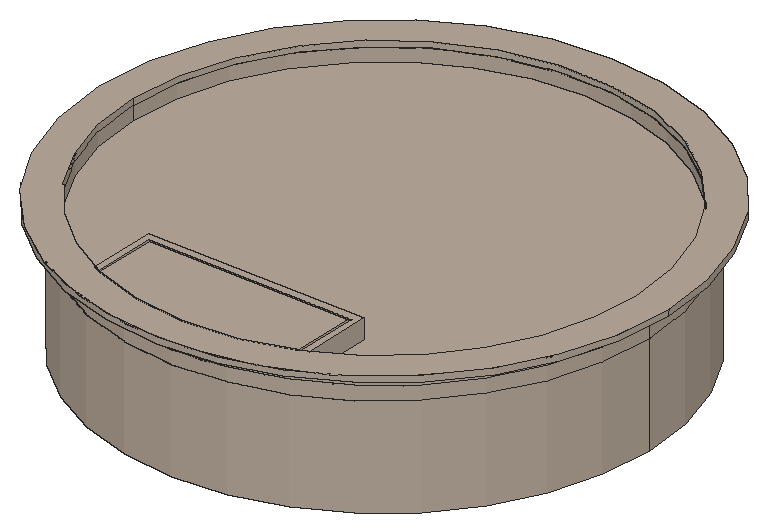
Revit family "Geräteeinsätze GES_Geräteeinsatz_GESR7_mit_Griffbügel", category Generic Models, Revit 2015
Parameters (values of type "GESR7 10U 1019")
  URL = "http://www.obo-bettermann.com"
  Snur width = 111 mm
  Outer Diameter Dimension = 294 mm
  Material = Plastic RAL 1019
  Manufacturer Art. No. = "7405460"
  Manufacturer = "OBO Bettermann"
  Inner cut2 = 165.5 mm
  Inner cut 3 = 233.5 mm
  Inner cut = 260 mm
  Height = 66 mm
  GTIN = "4012195103806"
  Diameter dimesion = 274 mm
  Bodenbelagdicke = 10 mm
  Article Type = "GESR7 10U 1019"
Types (4, lengths in mm): name | Material | Manufacturer Art. No. | Inner cut2 | GTIN | Article Type
  (no name) | Plastic RAL 1019 | "7405460" | 165.5 | "4012195103806" | "GESR7 10U 1019"
  GESR7 10U 7011 | Plastic RAL 7011 | "7405452" | 165 | "4012195103738" | "GESR7 10U 7011"
  GESR7 10U 9011 | Plastic RAL 9011 | "7405456" | 165.5 | "4012195103790" | "GESR7 10U 9011"
  GESR7 10U 1019 | Plastic RAL 1019 | "7405460" | 165.5 | "4012195103806" | "GESR7 10U 1019"
Reference planes
  plane 1 "Center (Front/Back)": y = 0
  plane 2: z = 0
  plane 3 "Center (Left/Right)": x = 0
  plane 4: z = -66
  plane 5: z = 3
  plane 6: z = -7
  plane 7: x = 116.75
  plane 8: x = -116.75
  plane 9: y = -82.75
  plane 10: y = 82.75
  plane 11: y = -66.195
  plane 12: y = 66.195
  plane 13: x = -98.514
  plane 14: x = 98.514
  plane 15: z = -14
  plane 16: x = -55.5
  plane 17: x = 55.5
  plane 18: y = -82.6
  plane 19: x = -52.3
  plane 20: x = 52.3
  plane 21: y = -86.43
  plane 22: y = -122.43
  plane 23: y = -87.43
  plane 24: x = -51.3
  plane 25: x = 51.3
  plane 26: y = -121.43
Forms (mm)
  Extrusion 1, solid, material "Plastic RAL 1019" <- "Material"
    sketch origin (0, 0, 0) x (1, 0, 0) y (0, 1, 0)
      loop
        circle (0, 0) r 147
    from 0 to 3
  Extrusion 2, void
    sketch origin (0, 0, 0) x (1, 0, 0) y (0, 1, 0)
      loop
        circle (0, 0) r 130
    from -7 to 3
  Extrusion 3, solid, material "Plastic RAL 1019" <- "Material"
    sketch origin (0, 0, 0) x (1, 0, 0) y (0, 1, 0)
      loop
        circle (0, 0) r 137
      loop
        circle (0, 0) r 130
    from -7 to 0
  Extrusion 4, solid, material "Plastic RAL 1019" <- "Material"
    sketch origin (0, 0, 0) x (1, 0, 0) y (0, 1, 0)
      loop
        circle (0, 0) r 137
    from -14 to -7
  Extrusion 5, solid, material "Plastic RAL 1019" <- "Material"
    sketch origin (0, 0, 0) x (1, 0, 0) y (0, 1, 0)
      loop
        circle (0, 0) r 137
      loop
        line (98.514, -82.75) -> (116.75, -66.195) -> (116.75, 0) -> (116.75, 66.195) -> (98.514, 82.75) -> (-98.514, 82.75) -> (-116.75, 66.195) -> (-116.75, -66.195) -> (-98.514, -82.75) -> (98.514, -82.75)
    from -66 to -14
  Extrusion 6, solid, material "Plastic RAL 1019" <- "Material"
    sketch origin (0, 0, 0) x (1, 0, 0) y (0, 1, 0)
      loop
        line (-55.5, -82.6) -> (-55.5, -117.557)
        arc (-55.5, -117.557) -> (0, -130) -> (55.5, -117.557) r 130
        line (55.5, -117.557) -> (55.5, -82.6) -> (-55.5, -82.6)
    from -7 to 3
  Extrusion 7, void
    sketch origin (0, 0, 0) x (1, 0, 0) y (0, 1, 0)
      loop
        line (52.3, -86.43) -> (-52.3, -86.43) -> (-52.3, -119.016)
        arc (-52.3, -119.016) -> (-51.8, -119.234) -> (-51.3, -119.45) r 130
        line (-51.3, -119.45) -> (-51.3, -87.43) -> (51.3, -87.43) -> (51.3, -119.45)
        arc (51.3, -119.45) -> (51.8, -119.234) -> (52.3, -119.016) r 130
        line (52.3, -119.016) -> (52.3, -86.43)
    from -14 to 3
Cuts and joins
  Extrusion 2, Extrusion 7 cuts Extrusion 1
  Extrusion 7 cuts Extrusion 6
Lines and regions (mm)
  model lines
    curve 1: line (0, -82.75, -66) -> (0, -82.75, -56)
    curve 2: line (0, 82.75, -56) -> (0, 82.75, -66)
    curve 3: line (0, 82.75, -66) -> (0, 82.75, -56)
    curve 5: circle (0, 0, 0) r 147 normal (0, 0, 1)
    curve 7: circle (0, 0, 0) r 137 normal (0, 0, 1)
    curve 9: circle (0, 0, 0) r 130 normal (0, 0, 1)
    curve 10: line (116.75, 0, 0) -> (116.75, -66.195, 0)
    curve 11: line (98.514, -82.75, 0) -> (-98.514, -82.75, 0)
    curve 12: line (-116.75, -66.195, 0) -> (-116.75, 66.195, 0)
    curve 13: line (-98.514, 82.75, 0) -> (98.514, 82.75, 0)
    curve 14: line (-116.75, 66.195, 0) -> (-98.514, 82.75, 0)
    curve 15: line (116.75, 66.195, 0) -> (116.75, 0, 0)
    curve 16: line (116.75, 66.195, 0) -> (98.514, 82.75, 0)
    curve 17: line (-116.75, -66.195, 0) -> (-98.514, -82.75, 0)
    curve 18: line (116.75, -66.195, 0) -> (98.514, -82.75, 0)
    curve 19: line (-55.5, -117.557, 0) -> (-55.5, -82.6, 0)
    curve 20: line (55.5, -82.6, 0) -> (55.5, -117.557, 0)
    curve 21: line (-52.3, -86.43, 0) -> (-52.3, -119.016, 0)
    curve 22: line (52.3, -119.016, 0) -> (52.3, -86.43, 0)
    curve 23: line (52.3, -86.43, 0) -> (-52.3, -86.43, 0)
    curve 24: line (-51.3, -87.43, 0) -> (-51.3, -119.45, 0)
    curve 25: line (51.3, -119.45, 0) -> (51.3, -87.43, 0)
    curve 26: line (51.3, -87.43, 0) -> (-51.3, -87.43, 0)
    curve 27: line (-55.5, -82.6, 0) -> (55.5, -82.6, 0)
  reference lines
    curve 4: circle (0, 0, 0) r 147 normal (0, 0, 1)
    curve 6: circle (0, 0, 0) r 137 normal (0, 0, 1)
    curve 8: circle (0, 0, 0) r 130 normal (0, 0, 1)
Dimensions and locks
  "Height": plane 4 to level
  locked: level to plane 5 at 3
  "Bodenbelagdicke": plane 6 to plane 5
  equal spacing: plane 10, plane 1 "Center (Front/Back)", plane 9
  "Inner cut2": plane 10 to plane 9
  equal spacing: plane 8, plane 3 "Center (Left/Right)", plane 7
  "Inner cut 3": plane 8 to plane 7
  locked: plane 10 to plane 12 at 16.555
  locked: plane 11 to plane 9 at 16.555
  locked: plane 8 to plane 13 at 18.236
  locked: plane 14 to plane 7 at 18.236
  locked: plane 15 to plane 6 at 7
  equal spacing: plane 16, plane 3 "Center (Left/Right)", plane 17
  "Snur width": plane 16 to plane 17
  locked: plane 21 to plane 22 at 36
  locked: plane 26 to plane 22 at 1
  locked: plane 19 to plane 24 at 1
  locked: plane 25 to plane 20 at 1
  locked: plane 21 to plane 23 at 1
  locked: plane 1 "Center (Front/Back)" to plane 18 at 82.6
  equal spacing: plane 19, plane 3 "Center (Left/Right)", plane 20
  locked: plane 19 to plane 20 at 104.6
  "Outer Diameter Dimension": diameter of curve 4
  "Diameter dimesion": diameter of curve 6
  "Inner cut": diameter of curve 8
  aligned and locked: level to plane 2
  aligned and locked: curve 5 to curve 4
  aligned and locked: Extrusion 1 sketch curve to curve 5
  aligned and locked: Extrusion 1 to level
  aligned and locked: plane 5 to Extrusion 1
  aligned and locked: curve 7 to curve 6
  aligned and locked: curve 9 to curve 8
  aligned and locked: Extrusion 2 sketch curve to curve 9
  aligned and locked: Extrusion 2 to plane 6
  aligned and locked: plane 5 to Extrusion 2
  aligned and locked: curve 10 to plane 7
  aligned and locked: plane 9 to curve 11
  aligned and locked: plane 8 to curve 12
  aligned and locked: curve 13 to plane 10
  aligned and locked: Extrusion 3 sketch curve to curve 7
  aligned and locked: Extrusion 3 sketch curve to cut or joined group of Extrusion 1, Extrusion 2, Extrusion 7  (x2)
  aligned and locked: level to Extrusion 3
  aligned and locked: Extrusion 3 to plane 6
  aligned and locked: Extrusion 4 sketch curve to Extrusion 3  (x2)
  aligned and locked: plane 6 to Extrusion 4
  aligned and locked: plane 15 to Extrusion 4
  aligned and locked: Extrusion 5 sketch curve to Extrusion 3  (x2)
  aligned and locked: Extrusion 5 sketch curve to curve 11
  aligned and locked: Extrusion 5 sketch curve to curve 18
  aligned and locked: Extrusion 5 sketch curve to curve 10
  aligned and locked: Extrusion 5 sketch curve to curve 15
  aligned and locked: Extrusion 5 sketch curve to curve 16
  aligned and locked: Extrusion 5 sketch curve to curve 13
  aligned and locked: Extrusion 5 sketch curve to curve 14
  aligned and locked: Extrusion 5 sketch curve to curve 12
  aligned and locked: Extrusion 5 sketch curve to curve 17
  aligned and locked: Extrusion 5 to plane 4
  aligned and locked: Extrusion 5 to plane 15
  aligned and locked: curve 19 to plane 16
  aligned and locked: curve 20 to plane 17
  aligned and locked: curve 21 to plane 19
  aligned and locked: curve 22 to plane 20
  aligned and locked: curve 23 to plane 21
  aligned and locked: curve 24 to plane 24
  aligned and locked: curve 25 to plane 25
  aligned and locked: curve 26 to plane 23
  aligned and locked: curve 27 to plane 18
  aligned and locked: Extrusion 6 sketch curve to curve 27
  aligned and locked: Extrusion 6 sketch curve to curve 19
  aligned and locked: Extrusion 6 sketch curve to curve 20
  aligned and locked: Extrusion 6 to plane 6
  aligned and locked: plane 5 to Extrusion 6
  aligned and locked: Extrusion 7 sketch curve to curve 23
  aligned and locked: Extrusion 7 sketch curve to curve 26
  aligned and locked: Extrusion 7 sketch curve to curve 21
  aligned and locked: Extrusion 7 sketch curve to curve 24
  aligned and locked: Extrusion 7 sketch curve to curve 25
  aligned and locked: Extrusion 7 sketch curve to curve 22
  aligned and locked: plane 15 to Extrusion 7
  aligned and locked: plane 5 to Extrusion 7
Automatic sketch dimensions
  curve 2 to plane 4 = 0 mm
  curve 1 to plane 4 = 0 mm
  plane 1 "Center (Front/Back)" to curve 1 = 82.75 mm
  curve 2 to plane 1 "Center (Front/Back)" = 82.75 mm
  curve 2 to curve 2 = 10 mm
  curve 1 to curve 1 = 10 mm
  curve 4 to curve 8 = 0 mm  (x2)
  curve 6 to curve 8 = 0 mm  (x2)
  plane 1 "Center (Front/Back)" to curve 6 = 0 mm
  curve 6 to plane 3 "Center (Left/Right)" = 0 mm
  plane 11 to Extrusion 5 sketch curve = 0 mm
  Extrusion 5 sketch curve to plane 14 = 0 mm
  plane 1 "Center (Front/Back)" to Extrusion 5 sketch curve = 0 mm
  curve 13 to plane 13 = 0 mm
  curve 11 to plane 13 = 0 mm
  curve 18 to plane 14 = 0 mm
  curve 16 to plane 14 = 0 mm
  curve 18 to plane 11 = 0 mm
  curve 17 to plane 11 = 0 mm
  plane 1 "Center (Front/Back)" to curve 15 = 0 mm
  plane 12 to curve 16 = 0 mm
  curve 12 to plane 12 = 0 mm
  plane 1 "Center (Front/Back)" to Extrusion 6 sketch curve = 0 mm
  Extrusion 6 sketch curve to plane 3 "Center (Left/Right)" = 0 mm
  plane 26 to Extrusion 6 sketch curve = 3.873 mm
  Extrusion 7 sketch curve to Extrusion 7 sketch curve = 0 mm  (x2)
  plane 1 "Center (Front/Back)" to Extrusion 7 sketch curve = 0 mm
  Extrusion 7 sketch curve to plane 3 "Center (Left/Right)" = 0 mm
  plane 26 to Extrusion 7 sketch curve = 2.415 mm  (x2)
